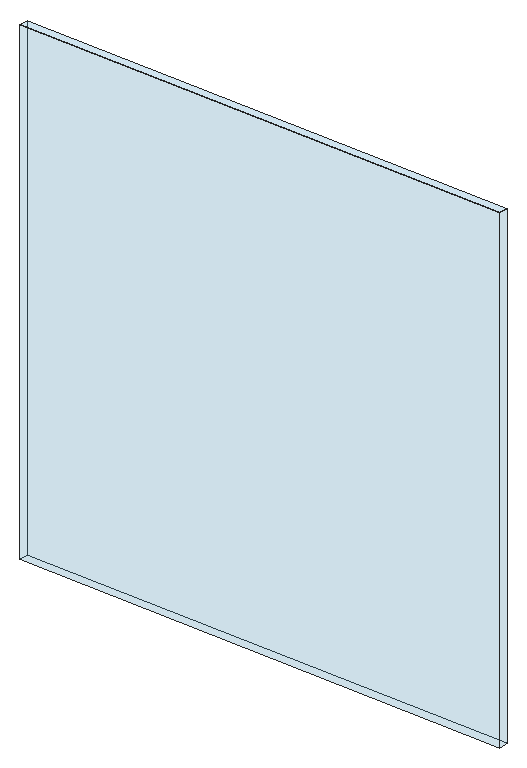
Revit family
Parameters (values of type "72" x 72"")
  Sealant = 0' - 0 3/8"
  Pocket Depth [instance] = 0' - 0 1/2"
  Head Height = Sill Height + Rough Height - Sealant  # 8' - 11 5/8"
  Depth [instance] = 0' - 7 1/4"
  Sill Height = 3' - 0"
  Rough Width = 6' - 0"
  Rough Height = 6' - 0"
  Model = "IP1900"
  Material = ""
  Manufacturer = "Arcadia"
  Sightline = 0' - 2 3/4"
  Height = Rough Height - Sealant - Sealant  # 5' - 11 1/4"
  Wall Closure = (empty or 0)
  Width = Rough Width - Sealant - Sealant  # 5' - 11 1/4"
  Glass Thickness [instance] = 0' - 1 5/16"
  Offset to Inside Face of Glass [instance] = 0' - 5 5/16"
  Construction Type = "Aluminum"
  Center of Rough Opening [instance] = Rough Width / 2  # 3' - 0"
  Center of Glass [instance] = Glass Thickness / 2  # 0' - 0 21/32"
  Center Wall to Outside Face [instance] = 0' - 2 7/8"
  Assembly Code = ""
Reference planes (in)
  plane 1 "Center (Front/Back)": y = 0
  plane 2: z = 0
  plane 3 "Center (Left/Right)": x = 12
  plane 4 "Rough Opening Bottom": z = 36
  plane 5 "Rough Opening Top": z = 108
  plane 6 "Exterior Face": y = 5.75
  plane 7 "Frame Top": z = 105.25
  plane 8 "Frame Bottom": z = 38.75
  plane 9 "Rough Opening Left": x = -24
  plane 10 "Rough Opening Right": x = 48
  plane 11 "Frame Left": x = -21.25
  plane 12 "Frame Right": x = 45.25
  plane 13 "Exterior Glass Edge": y = 4.73644
  plane 14 "Interior Glass Edge": y = 3.42394
  plane 15 "Glass Centerline": y = 4.08019
  plane 16 "Frame Outside": y = 5.36144
  plane 17 "Frame Inside": y = -1.88856
  plane 18: z = 105.75
  plane 19: z = 38.25
  plane 20: x = 45.75
  plane 21: x = -21.75
  plane 22: x = 47.625
  plane 23: x = -23.625
  plane 24: z = 107.625
  plane 25: z = 36.375
Forms (in)
  Extrusion 1, solid, material "Anodize Arcadia AC2 Clear #11", detail levels coarse
    sketch origin (0, 0, 36) x (0, -1, 0) y (1, 0, 0)
      loop
        line (-5.36144, -24) -> (1.88856, -24) -> (1.88856, -21.25) -> (-3.42394, -21.25) -> (-3.42394, -21.75) -> (-4.73644, -21.75) -> (-4.73644, -21.25) -> (-5.36144, -21.25) -> (-5.36144, -24)
    from 0 to 72 <- "Rough Height"
  Extrusion 2, solid, material "Anodize Arcadia AC2 Clear #11", detail levels coarse
    sketch origin (0, 0, 36) x (0, -1, 0) y (1, 0, 0)
      loop
        line (-5.36144, 45.25) -> (-4.73644, 45.25) -> (-4.73644, 45.75) -> (-3.42394, 45.75) -> (-3.42394, 45.25) -> (1.88856, 45.25) -> (1.88856, 48) -> (-5.36144, 48) -> (-5.36144, 45.25)
    from 0 to 72 <- "Rough Height"
  Extrusion 3, solid, material "Glass"
    sketch origin (-0.5, 0, 36) x (0, -1, 0) y (1, 0, 0)
      loop
        line (-4.73644, -21.25) -> (-3.42394, -21.25) -> (-3.42394, 46.25) -> (-4.73644, 46.25) -> (-4.73644, -21.25)
    from 2.25 to 69.75
  Extrusion 4, solid, material "Anodize Arcadia AC2 Clear #11", detail levels coarse
    sketch origin (-24, 0, 0) x (0, 1, 0) y (0, 0, 1)
      loop
        line (-1.88856, 108) -> (-1.88856, 105.25) -> (3.42394, 105.25) -> (3.42394, 105.75) -> (4.73644, 105.75) -> (4.73644, 105.25) -> (5.36144, 105.25) -> (5.36144, 108) -> (-1.88856, 108)
    from 0 to 72 <- "Rough Width"
  Extrusion 5, solid, material "Anodize Arcadia AC2 Clear #11", detail levels coarse
    sketch origin (-24, 0, 0) x (0, 1, 0) y (0, 0, 1)
      loop
        line (5.36144, 38.75) -> (4.73644, 38.75) -> (4.73644, 38.25) -> (3.42394, 38.25) -> (3.42394, 38.75) -> (-1.88856, 38.75) -> (-1.88856, 36) -> (5.36144, 36) -> (5.36144, 38.75)
    from 0 to 72 <- "Rough Width"
  Extrusion 6, void
    sketch origin (0, 0, 36) x (0, -1, 0) y (1, 0, 0)
      loop
        line (-5.75, -24) -> (2.25, -24) -> (2.25, 48) -> (-5.75, 48) -> (-5.75, -24)
    from 0 to 72 <- "Rough Height"
Lines and regions (in)
  symbolic lines, detail levels coarse
    curve 1: line (-24, 5.36144, 0) -> (-21.25, 5.36144, 0)
    curve 2: line (-21.25, 5.36144, 0) -> (-21.25, 4.73644, 0)
    curve 3: line (45.75, 4.73644, 0) -> (-21.75, 4.73644, 0)
    curve 4: line (-21.75, 4.73644, 0) -> (-21.75, 3.42394, 0)
    curve 5: line (-21.75, 3.42394, 0) -> (45.75, 3.42394, 0)
    curve 6: line (-21.25, 3.42394, 0) -> (-21.25, -1.88856, 0)
    curve 7: line (-21.25, -1.88856, 0) -> (-24, -1.88856, 0)
    curve 8: line (-24, -1.88856, 0) -> (-24, 5.36144, 0)
    curve 9: line (48, 5.36144, 0) -> (45.25, 5.36144, 0)
    curve 10: line (45.25, 5.36144, 0) -> (45.25, 4.73644, 0)
    curve 11: line (45.75, 4.73644, 0) -> (45.75, 3.42394, 0)
    curve 12: line (45.25, 3.42394, 0) -> (45.25, -1.88856, 0)
    curve 13: line (45.25, -1.88856, 0) -> (48, -1.88856, 0)
    curve 14: line (48, -1.88856, 0) -> (48, 5.36144, 0)
Text (in)
  text "EXTERIOR" at (-58.6888, 50.90694, 0), in view "Ref. Level"
  text "INTERIOR" at (-58.6888, -37.76638, 0), in view "Ref. Level"
  text "Exterior" at (0, 43.65631, 123.19604), in view "Left"
  text "Exterior" at (0, 18.29385, 125.04747), in view "Right"
Dimensions and locks (in)
  "Rough Height": plane 4 "Rough Opening Bottom" to plane 5 "Rough Opening Top"
  "Sill Height": plane 2 to plane 4 "Rough Opening Bottom"
  "Sightline": plane 7 "Frame Top" to plane 5 "Rough Opening Top"
  "Sightline": plane 4 "Rough Opening Bottom" to plane 8 "Frame Bottom"
  "Rough Width": plane 9 "Rough Opening Left" to plane 10 "Rough Opening Right"
  "Sightline": plane 9 "Rough Opening Left" to plane 11 "Frame Left"
  "Sightline": plane 12 "Frame Right" to plane 10 "Rough Opening Right"
  "Depth": plane 17 "Frame Inside" to plane 16 "Frame Outside"
  "Glass Thickness": plane 13 "Exterior Glass Edge" to plane 14 "Interior Glass Edge"
  "Center of Glass": plane 15 "Glass Centerline" to plane 14 "Interior Glass Edge"
  "Center of Rough Opening": plane 9 "Rough Opening Left" to plane 3 "Center (Left/Right)"
  "Offset to Inside Face of Glass": plane 17 "Frame Inside" to plane 14 "Interior Glass Edge"
  "Pocket Depth": plane 12 "Frame Right" to plane 20
  "Pocket Depth": plane 21 to plane 11 "Frame Left"
  "Pocket Depth": plane 7 "Frame Top" to plane 18
  "Pocket Depth": plane 19 to plane 8 "Frame Bottom"
  "Sealant": plane 22 to plane 10 "Rough Opening Right"
  "Sealant": plane 9 "Rough Opening Left" to plane 23
  "Sealant": plane 24 to plane 5 "Rough Opening Top"
  "Sealant": plane 4 "Rough Opening Bottom" to plane 25
  aligned and locked: plane 6 "Exterior Face" to host wall
  aligned and locked: Extrusion 1 sketch curve to plane 17 "Frame Inside"
  aligned and locked: plane 16 "Frame Outside" to Extrusion 1 sketch curve
  aligned and locked: Extrusion 1 sketch curve to plane 11 "Frame Left"
  aligned and locked: plane 9 "Rough Opening Left" to Extrusion 1 sketch curve
  aligned and locked: plane 12 "Frame Right" to Extrusion 2 sketch curve
  aligned and locked: Extrusion 2 sketch curve to plane 10 "Rough Opening Right"
  aligned and locked: Extrusion 2 sketch curve to plane 17 "Frame Inside"
  aligned and locked: plane 16 "Frame Outside" to Extrusion 2 sketch curve
  aligned and locked: Extrusion 3 sketch curve to plane 13 "Exterior Glass Edge"
  aligned and locked: plane 14 "Interior Glass Edge" to Extrusion 3 sketch curve
  aligned and locked: plane 5 "Rough Opening Top" to Extrusion 4 sketch curve
  aligned and locked: Extrusion 4 sketch curve to plane 7 "Frame Top"
  aligned and locked: Extrusion 4 sketch curve to plane 17 "Frame Inside"
  aligned and locked: plane 16 "Frame Outside" to Extrusion 4 sketch curve
  aligned and locked: Extrusion 5 sketch curve to plane 4 "Rough Opening Bottom"
  aligned and locked: plane 8 "Frame Bottom" to Extrusion 5 sketch curve
  aligned and locked: Extrusion 5 sketch curve to plane 17 "Frame Inside"
  aligned and locked: plane 16 "Frame Outside" to Extrusion 5 sketch curve
  aligned and locked: plane 4 "Rough Opening Bottom" to nested 3
  aligned and locked: nested 2 to plane 5 "Rough Opening Top"
  aligned and locked: plane 19 to Extrusion 3
  aligned and locked: Extrusion 3 to plane 18
  aligned and locked: plane 17 "Frame Inside" to nested 3
  aligned and locked: plane 17 "Frame Inside" to nested 2
  aligned and locked: nested 1 to plane 16 "Frame Outside"
  aligned and locked: plane 10 "Rough Opening Right" to nested 1
  aligned and locked: nested 4 to plane 9 "Rough Opening Left"
  aligned and locked: plane 17 "Frame Inside" to nested 4
  aligned and locked: plane 13 "Exterior Glass Edge" to Extrusion 5 sketch curve
  aligned and locked: Extrusion 5 sketch curve to plane 14 "Interior Glass Edge"
  aligned and locked: plane 19 to Extrusion 5 sketch curve
  aligned and locked: Extrusion 4 sketch curve to plane 13 "Exterior Glass Edge"
  aligned and locked: plane 18 to Extrusion 4 sketch curve
  aligned and locked: plane 14 "Interior Glass Edge" to Extrusion 4 sketch curve
  aligned and locked: plane 14 "Interior Glass Edge" to Extrusion 2 sketch curve
  aligned and locked: Extrusion 2 sketch curve to plane 20
  aligned and locked: Extrusion 2 sketch curve to plane 13 "Exterior Glass Edge"
  aligned and locked: Extrusion 1 sketch curve to plane 14 "Interior Glass Edge"
  aligned and locked: Extrusion 1 sketch curve to plane 21
  aligned and locked: plane 13 "Exterior Glass Edge" to Extrusion 1 sketch curve
  aligned and locked: plane 16 "Frame Outside" to curve 1
  aligned and locked: plane 9 "Rough Opening Left" to curve 8
  aligned and locked: curve 2 to plane 11 "Frame Left"
  aligned and locked: curve 6 to plane 11 "Frame Left"
  aligned and locked: curve 4 to plane 21
  aligned and locked: curve 7 to plane 17 "Frame Inside"
  aligned and locked: curve 5 to plane 14 "Interior Glass Edge"
  aligned and locked: plane 13 "Exterior Glass Edge" to curve 3
  aligned and locked: curve 10 to plane 12 "Frame Right"
  aligned and locked: curve 12 to plane 12 "Frame Right"
  aligned and locked: curve 11 to plane 20
  aligned and locked: plane 10 "Rough Opening Right" to curve 14
  aligned and locked: curve 9 to plane 16 "Frame Outside"
  aligned and locked: plane 17 "Frame Inside" to curve 13
  aligned and locked: level to plane 2
  aligned and locked: plane 9 "Rough Opening Left" to Extrusion 6 sketch curve
  aligned and locked: plane 6 "Exterior Face" to Extrusion 6 sketch curve
  aligned and locked: host wall to Extrusion 6 sketch curve
  aligned and locked: plane 10 "Rough Opening Right" to Extrusion 6 sketch curve
  aligned and locked: import instance to plane 16 "Frame Outside"  (x2)
  aligned and locked: plane 9 "Rough Opening Left" to import instance
  aligned and locked: plane 10 "Rough Opening Right" to import instance
  aligned and locked: plane 16 "Frame Outside" to import instance  (x2)
  aligned and locked: import instance to plane 5 "Rough Opening Top"
  aligned and locked: import instance to plane 4 "Rough Opening Bottom"
Automatic sketch dimensions
  Extrusion 3 sketch curve to plane 21 = 0' - 0"
  Extrusion 3 sketch curve to plane 20 = 0' - 0"
  Extrusion 5 sketch curve to plane 8 "Frame Bottom" = 0' - 0"
  Extrusion 4 sketch curve to plane 7 "Frame Top" = 0' - 0"
  Extrusion 2 sketch curve to plane 12 "Frame Right" = 0' - 0"
  Extrusion 1 sketch curve to plane 11 "Frame Left" = 0' - 0"
Nested families (in)
  nested 1: "Window-Arcadia-IP1900-Med-Jamb-R" at (46.9375, 4.08019, 0) x (-1, 0, 0) z (0, 0, 1), type "Window-Arcadia-IP1900-Med-Jamb-R", detail levels medium
    with Sightline 0' - 2 3/4", Pocket Depth 0' - 0 1/2", Offset to Inside Face of Glass 0' - 5 5/16", Glass Width 0' - 1 5/16", Frame Wall Thickness 0' - 0 3/32", Depth 0' - 7 1/4", Center of Glass 0' - 0 21/32"
  nested 2: "Window-Arcadia-IP1900-Med-Head" at (33.875, 4.08019, 108) x (0, -1, 0) z (1, 0, 0), type "Window-Arcadia-IP1900-Med-Head", detail levels medium
    with Sightline 0' - 2 3/4", Pocket Depth 0' - 0 1/2", Offset to Inside Face of Glass 0' - 5 5/16", Glass Width 0' - 1 5/16", Frame Wall Thickness 0' - 0 3/32", Depth 0' - 7 1/4", Center of Glass 0' - 0 21/32"
  nested 3: "Window-Arcadia-IP1900-Med-Sill" at (33.875, 4.08019, 36) x (0, -1, 0) z (1, 0, 0), type "Window-Arcadia-IP1900-Med-Sill", detail levels medium
    with Sightline 0' - 2 3/4", Pocket Depth 0' - 0 1/2", Offset to Inside Face of Glass 0' - 5 5/16", Glass Width 0' - 1 5/16", Frame Wall Thickness 0' - 0 3/32", Depth 0' - 7 1/4", Center of Glass 0' - 0 21/32"
  nested 4: "Window-Arcadia-IP1900-Med-Jamb-L" at (-22.9375, 4.08019, 0) x (-1, 0, 0) z (0, 0, 1), type "Window-Arcadia-IP1900-Med-Jamb-L", detail levels medium
    with Sightline 0' - 2 3/4", Pocket Depth 0' - 0 1/2", Offset to Inside Face of Glass 0' - 5 5/16", Glass Width 0' - 1 5/16", Frame Wall Thickness 0' - 0 3/32", Depth 0' - 7 1/4", Center of Glass 0' - 0 21/32"
Definition of nested family "Window-Arcadia-IP1900-Med-Jamb-R"
  Parameters (values of type "Window-Arcadia-TC670-Med-Jamb-R")
    Depth [instance] = 0' - 6"
    Pocket Depth [instance] = 0' - 0 3/4"
    Offset to Inside Face of Glass [instance] = 0' - 4"
    Glass Width [instance] = 0' - 1"
    Sightline [instance] = 0' - 2 5/8"
    Center of Glass [instance] = Glass Width / 2  # 0' - 0 1/2"
    Frame Wall Thickness [instance] = 0' - 0 3/32"
    Assembly Code = ""
  Reference planes (in)
    plane 1 "Center (Front/Back)": y = 0
    plane 2: z = 0
    plane 3: x = 1.5625
    plane 4 "back": x = -1.0625
    plane 5: y = 4.5
    plane 6: y = -1.5
    plane 7 "Inside Face of Glass": y = 0.5
    plane 8: y = -0.5
    plane 9: x = 0.8125
  Lines and regions (in)
    detail lines, in view "Ref. Level", detail levels medium
      curve 1: line (-1.0625, 4.5, 0) -> (-1.0625, -1.5, 0)
      curve 2: line (-1.0625, -1.5, 0) -> (1.5625, -1.5, 0)
      curve 3: line (1.5625, -1.5, 0) -> (1.5625, -0.5, 0)
      curve 4: line (1.5625, -0.5, 0) -> (0.8125, -0.5, 0)
      curve 5: line (0.8125, -0.5, 0) -> (0.8125, 0.5, 0)
      curve 6: line (0.8125, 0.5, 0) -> (1.5625, 0.5, 0)
      curve 7: line (1.5625, 0.5, 0) -> (1.5625, 4.5, 0)
      curve 8: line (1.5625, 4.5, 0) -> (-1.0625, 4.5, 0)
      curve 9: line (1.46875, 4.40625, 0) -> (-0.96875, 4.40625, 0)
      curve 10: line (-0.96875, 4.40625, 0) -> (-0.96875, -1.40625, 0)
      curve 11: line (-0.96875, -1.40625, 0) -> (1.46875, -1.40625, 0)
      curve 12: line (1.46875, -1.40625, 0) -> (1.46875, -0.59375, 0)
      curve 13: line (1.46875, -0.59375, 0) -> (0.71875, -0.59375, 0)
      curve 14: line (0.71875, -0.59375, 0) -> (0.71875, 0.59375, 0)
      curve 15: line (0.71875, 0.59375, 0) -> (1.46875, 0.59375, 0)
      curve 16: line (1.46875, 0.59375, 0) -> (1.46875, 4.40625, 0)
      curve 17: line (1.5625, 4.5, 0) -> (-1.0625, 4.5, 0)
      curve 18: line (-1.0625, 4.40625, 0) -> (-1.0625, -1.5, 0)
  Dimensions and locks (in)
    "Sightline": plane 4 "back" to plane 3
    "Depth": plane 5 to plane 6
    "Center of Glass": plane 1 "Center (Front/Back)" to plane 7 "Inside Face of Glass"
    "Glass Width": plane 8 to plane 7 "Inside Face of Glass"
    "Pocket Depth": plane 9 to plane 3
    "Offset to Inside Face of Glass": plane 5 to plane 7 "Inside Face of Glass"
    "Frame Wall Thickness": plane 5 to curve 9
    "Frame Wall Thickness": plane 4 "back" to curve 10
    "Frame Wall Thickness": curve 11 to plane 6
    "Frame Wall Thickness": curve 12 to plane 3
    "Frame Wall Thickness": curve 13 to plane 8
    "Frame Wall Thickness": plane 7 "Inside Face of Glass" to curve 15
    "Frame Wall Thickness": curve 14 to plane 9
    "Frame Wall Thickness": curve 16 to plane 3
    aligned and locked: plane 5 to curve 8
    aligned and locked: curve 1 to plane 4 "back"
    aligned and locked: curve 2 to plane 6
    aligned and locked: plane 3 to curve 3
    aligned and locked: curve 4 to plane 8
    aligned and locked: plane 9 to curve 5
    aligned and locked: plane 7 "Inside Face of Glass" to curve 6
    aligned and locked: plane 3 to curve 7
  Automatic sketch dimensions
    curve 18 to curve 9 = 0' - 0"
Definition of nested family "Window-Arcadia-IP1900-Med-Head"
  Parameters (values of type "Window-Arcadia-A400-Med-Head")
    Depth [instance] = 0' - 6"
    Pocket Depth [instance] = 0' - 0 1/2"
    Offset to Inside Face of Glass [instance] = 0' - 4"
    Glass Width [instance] = 0' - 1"
    Sightline [instance] = 0' - 2 5/8"
    Center of Glass [instance] = Glass Width / 2  # 0' - 0 1/2"
    Frame Wall Thickness [instance] = 0' - 0 3/32"
    Assembly Code = ""
  Reference planes (in)
    plane 1 "Center (Front/Back)": y = 0
    plane 2: z = 0
    plane 3 "Center (Left/Right)": x = 0
    plane 4: x = -0.5
    plane 5 "Inside Face of Glass": x = 0.5
    plane 6: y = -2.625
    plane 7: x = 4.5
    plane 8: x = -1.5
    plane 9: y = -2.125
  Lines and regions (in)
    detail lines, in view "Ref. Level", detail levels medium
      curve 1: line (-1.5, 0, 0) -> (-1.5, -2.625, 0)
      curve 2: line (-1.5, -2.625, 0) -> (-0.5, -2.625, 0)
      curve 3: line (-0.5, -2.625, 0) -> (-0.5, -2.125, 0)
      curve 4: line (-0.5, -2.125, 0) -> (0.5, -2.125, 0)
      curve 5: line (0.5, -2.125, 0) -> (0.5, -2.625, 0)
      curve 6: line (0.5, -2.625, 0) -> (4.5, -2.625, 0)
      curve 7: line (4.5, -2.625, 0) -> (4.5, 0, 0)
      curve 8: line (4.5, 0, 0) -> (-1.5, 0, 0)
      curve 9: line (-1.40625, -0.09375, 0) -> (-1.40625, -2.53125, 0)
      curve 10: line (4.40625, -0.09375, 0) -> (-1.40625, -0.09375, 0)
      curve 11: line (4.40625, -2.53125, 0) -> (4.40625, -0.09375, 0)
      curve 12: line (0.59375, -2.53125, 0) -> (4.40625, -2.53125, 0)
      curve 13: line (-1.40625, -2.53125, 0) -> (-0.59375, -2.53125, 0)
      curve 14: line (-0.59375, -2.53125, 0) -> (-0.59375, -2.03125, 0)
      curve 15: line (-0.59375, -2.03125, 0) -> (0.59375, -2.03125, 0)
      curve 16: line (0.59375, -2.03125, 0) -> (0.59375, -2.53125, 0)
  Dimensions and locks (in)
    "Sightline": plane 6 to plane 1 "Center (Front/Back)"
    "Depth": plane 8 to plane 7
    "Pocket Depth": plane 6 to plane 9
    "Offset to Inside Face of Glass": plane 5 "Inside Face of Glass" to plane 7
    "Glass Width": plane 4 to plane 5 "Inside Face of Glass"
    "Center of Glass": plane 3 "Center (Left/Right)" to plane 5 "Inside Face of Glass"
    "Frame Wall Thickness": plane 8 to curve 9
    "Frame Wall Thickness": curve 10 to plane 1 "Center (Front/Back)"
    "Frame Wall Thickness": curve 11 to plane 7
    "Frame Wall Thickness": plane 6 to curve 12
    "Frame Wall Thickness": plane 6 to curve 13
    "Frame Wall Thickness": plane 9 to curve 15
    "Frame Wall Thickness": plane 5 "Inside Face of Glass" to curve 16
    "Frame Wall Thickness": curve 14 to plane 4
    aligned and locked: curve 8 to plane 1 "Center (Front/Back)"
    aligned and locked: plane 7 to curve 7
    aligned and locked: curve 1 to plane 8
    aligned and locked: plane 9 to curve 4
    aligned and locked: plane 4 to curve 3
    aligned and locked: plane 6 to curve 2
    aligned and locked: plane 6 to curve 6
  Automatic sketch dimensions
    curve 5 to plane 5 "Inside Face of Glass" = 0' - 0"
Definition of nested family "Window-Arcadia-IP1900-Med-Sill"
  Parameters (values of type "Window-Arcadia-A400-Med-Sill")
    Depth [instance] = 0' - 6"
    Pocket Depth [instance] = 0' - 0 1/2"
    Offset to Inside Face of Glass [instance] = 0' - 4"
    Glass Width [instance] = 0' - 1"
    Sightline [instance] = 0' - 2 5/8"
    Center of Glass [instance] = Glass Width / 2  # 0' - 0 1/2"
    Frame Wall Thickness [instance] = 0' - 0 3/32"
    Assembly Code = ""
  Reference planes (in)
    plane 1 "Center (Front/Back)": y = 0
    plane 2: z = 0
    plane 3 "Center (Left/Right)": x = 0
    plane 4: x = -0.5
    plane 5 "Inside Face of Glass": x = 0.5
    plane 6: y = 2.625
    plane 7: x = 4.5
    plane 8: x = -1.5
    plane 9: y = 2.125
  Lines and regions (in)
    detail lines, in view "Ref. Level", detail levels medium
      curve 1: line (-1.5, 2.625, 0) -> (-1.5, 0, 0)
      curve 2: line (-1.5, 0, 0) -> (4.5, 0, 0)
      curve 3: line (4.5, 0, 0) -> (4.5, 2.625, 0)
      curve 4: line (4.5, 2.625, 0) -> (0.5, 2.625, 0)
      curve 5: line (0.5, 2.625, 0) -> (0.5, 2.125, 0)
      curve 6: line (0.5, 2.125, 0) -> (-0.5, 2.125, 0)
      curve 7: line (-0.5, 2.125, 0) -> (-0.5, 2.625, 0)
      curve 8: line (-0.5, 2.625, 0) -> (-1.5, 2.625, 0)
      curve 9: line (-0.59375, 2.53125, 0) -> (-1.40625, 2.53125, 0)
      curve 10: line (-1.40625, 2.53125, 0) -> (-1.40625, 0.09375, 0)
      curve 11: line (-1.40625, 0.09375, 0) -> (4.40625, 0.09375, 0)
      curve 12: line (4.40625, 0.09375, 0) -> (4.40625, 2.53125, 0)
      curve 13: line (4.40625, 2.53125, 0) -> (0.59375, 2.53125, 0)
      curve 14: line (0.59375, 2.53125, 0) -> (0.59375, 2.03125, 0)
      curve 15: line (0.59375, 2.03125, 0) -> (-0.59375, 2.03125, 0)
      curve 16: line (-0.59375, 2.03125, 0) -> (-0.59375, 2.53125, 0)
  Dimensions and locks (in)
    "Pocket Depth": plane 9 to plane 6
    "Sightline": plane 1 "Center (Front/Back)" to plane 6
    "Depth": plane 8 to plane 7
    "Offset to Inside Face of Glass": plane 5 "Inside Face of Glass" to plane 7
    "Glass Width": plane 4 to plane 5 "Inside Face of Glass"
    "Center of Glass": plane 3 "Center (Left/Right)" to plane 5 "Inside Face of Glass"
    "Frame Wall Thickness": curve 9 to plane 6
    "Frame Wall Thickness": plane 8 to curve 10
    "Frame Wall Thickness": plane 1 "Center (Front/Back)" to curve 11
    "Frame Wall Thickness": curve 12 to plane 7
    "Frame Wall Thickness": curve 13 to plane 6
    "Frame Wall Thickness": plane 5 "Inside Face of Glass" to curve 14
    "Frame Wall Thickness": curve 15 to plane 9
    "Frame Wall Thickness": curve 16 to plane 4
    aligned and locked: plane 1 "Center (Front/Back)" to curve 2
    aligned and locked: plane 7 to curve 3
    aligned and locked: curve 1 to plane 8
    aligned and locked: curve 8 to plane 6
    aligned and locked: curve 4 to plane 6
    aligned and locked: curve 6 to plane 9
    aligned and locked: curve 5 to plane 5 "Inside Face of Glass"
    aligned and locked: plane 4 to curve 7
  Automatic sketch dimensions
    curve 7 to plane 9 = 0' - 0"
Definition of nested family "Window-Arcadia-IP1900-Med-Jamb-L"
  Parameters (values of type "Window-Arcadia-TC670-Med-Jamb-L")
    Depth [instance] = 0' - 6"
    Pocket Depth [instance] = 0' - 0 1/2"
    Offset to Inside Face of Glass [instance] = 0' - 4"
    Glass Width [instance] = 0' - 1"
    Sightline [instance] = 0' - 2 1/8"
    Center of Glass [instance] = Glass Width / 2  # 0' - 0 1/2"
    Frame Wall Thickness [instance] = 0' - 0 3/32"
    Assembly Code = ""
  Reference planes (in)
    plane 1 "Center (Front/Back)": y = 0
    plane 2: z = 0
    plane 3 "BACK": x = 1.0625
    plane 4 "FRONT": x = -1.0625
    plane 5: y = 1.5
    plane 6: y = -4.5
    plane 7 "Inside Face of Glass": y = 0.5
    plane 8: y = -0.5
    plane 9: x = -0.5625
  Lines and regions (in)
    detail lines, in view "Ref. Level", detail levels medium
      curve 1: line (1.0625, 1.5, 0) -> (1.0625, -4.5, 0)
      curve 2: line (1.0625, -4.5, 0) -> (-1.0625, -4.5, 0)
      curve 3: line (-1.0625, -4.5, 0) -> (-1.0625, -0.5, 0)
      curve 4: line (-1.0625, -0.5, 0) -> (-0.5625, -0.5, 0)
      curve 5: line (-0.5625, -0.5, 0) -> (-0.5625, 0.5, 0)
      curve 6: line (-0.5625, 0.5, 0) -> (-1.0625, 0.5, 0)
      curve 7: line (-1.0625, 0.5, 0) -> (-1.0625, 1.5, 0)
      curve 8: line (-1.0625, 1.5, 0) -> (1.0625, 1.5, 0)
      curve 9: line (-0.96875, 1.40625, 0) -> (0.96875, 1.40625, 0)
      curve 10: line (-0.96875, 0.59375, 0) -> (-0.96875, 1.40625, 0)
      curve 11: line (-0.46875, 0.59375, 0) -> (-0.96875, 0.59375, 0)
      curve 12: line (-0.46875, -0.59375, 0) -> (-0.46875, 0.59375, 0)
      curve 13: line (-0.96875, -0.59375, 0) -> (-0.46875, -0.59375, 0)
      curve 14: line (-0.96875, -4.40625, 0) -> (-0.96875, -0.59375, 0)
      curve 15: line (0.96875, -4.40625, 0) -> (-0.96875, -4.40625, 0)
      curve 16: line (0.96875, 1.40625, 0) -> (0.96875, -4.40625, 0)
  Dimensions and locks (in)
    "Depth": plane 5 to plane 6
    "Pocket Depth": plane 4 "FRONT" to plane 9
    "Sightline": plane 4 "FRONT" to plane 3 "BACK"
    "Glass Width": plane 8 to plane 7 "Inside Face of Glass"
    "Center of Glass": plane 1 "Center (Front/Back)" to plane 7 "Inside Face of Glass"
    "Frame Wall Thickness": plane 4 "FRONT" to curve 10
    "Frame Wall Thickness": plane 5 to curve 9
    "Frame Wall Thickness": curve 15 to plane 6
    "Frame Wall Thickness": curve 13 to plane 8
    "Frame Wall Thickness": plane 9 to curve 12
    "Frame Wall Thickness": plane 7 "Inside Face of Glass" to curve 11
    "Frame Wall Thickness": plane 4 "FRONT" to curve 14
    "Offset to Inside Face of Glass": plane 6 to plane 8
    aligned and locked: curve 8 to plane 5
    aligned and locked: curve 1 to plane 3 "BACK"
    aligned and locked: plane 6 to curve 2
    aligned and locked: curve 3 to plane 4 "FRONT"
    aligned and locked: plane 8 to curve 4
    aligned and locked: plane 9 to curve 5
    aligned and locked: curve 6 to plane 7 "Inside Face of Glass"
    aligned and locked: plane 4 "FRONT" to curve 7
  Automatic sketch dimensions
    curve 16 to plane 3 "BACK" = 0' - 0 3/32"
